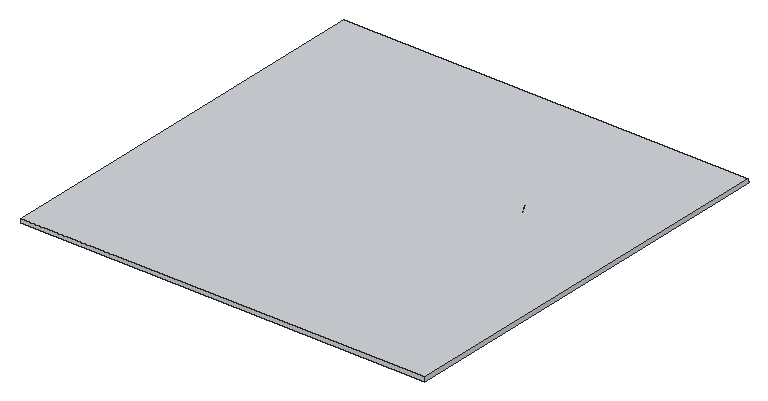
Revit family "Tyco_FireDtctnAlmCtrlIndctEquip_Zettler-AddressableOpticalSmokeAndHeatDetector", category Fire Alarm Devices, host Face, Revit 2013
Parameters (values of type "830PH")
  Weight = "(Excluding Base) 76g"
  WarrantyStartDate [instance] = "1900-12-31T23:59:59"
  WarrantyGuarantorParts = "Contact your supplier. If you don’t have your supplier contact details please contact (tfsuk.service@tycoint.com) or (tfseu.service@tycoint.com)"
  WarrantyGuarantorLabor = "Contact your supplier. If you don’t have your supplier contact details please contact (tfsuk.service@tycoint.com) or (tfseu.service@tycoint.com)"
  WarrantyDurationUnit = "Year"
  WarrantyDurationParts = "1.5 years"
  WarrantyDurationLabor = "1.5 years"
  WarrantyDescription = "n/a"
  Voltage = "20 – 40 VDC"
  Version = "1"
  UsageCurrent = "380μA"
  Uniclass2 = "Ee_40_15_75"
  URL = "http://www.zettlerfire.com/Products/Fire/ZETTLERdetectors/ZETTLERGen6_830PH_850PH.asp"
  Type Comments = "Only 4B_Detector or 4B-I_Isolator Detector Bases can be used with 830PH Detector"
  TimeConstant = "n/a"
  TagNumber [instance] = "n/a"
  SustainabilityPerformance = "n/a"
  StorageTemperature = "-40 °C to +80 °C"
  SmokeSensorRange = "n/a"
  Size = "n/a"
  ShortCircuitIsolators = no
  Shape = "n/a"
  SerialNumber [instance] = "n/a"
  Revision = "n/a"
  ReplacementCost = "n/a"
  RelativeHumidity = "95%(non-condensing)"
  Reference = "n/a"
  QuiescentCurrent = "380μA"
  ProductSpecification = "830PH Addressable Optical Smoke and Heat Detector without built in- line isolator"
  ProductInformation = "http://www.zettlerfire.com/Products/Fire/ZETTLERdetectors/ZETTLERGen6_830PH_850PH.asp"
  ProductCodes = "516.830.051"
  PressureSensorSetPoint = "n/a"
  PhaseReference = "n/a"
  PhaseAngle = 0.00°
  OperationTemperatureRange = "-25 °C to +70 °C"
  NumberOfPoles = 0
  NominalWidth = 108 mm
  NominalVoltage = "40 V DC"
  NominalLength = 108 mm
  NominalHeight = 42 mm
  NominalFrequencyRange = "n/a"
  NominalDiameter = 108 mm
  NominalCurrent = "n/a"
  Name = "830PH-Photo Heat Multi-Sensor Detector"
  NBSReference = "90-75-30/380"
  NBSDescription = "Fire detection and alarm control and indicating equipment (CIE)"
  ModelReference = "n/a"
  ModelNumber = "830PH"
  Model = "830PH"
  Material = "Flame Retardant-FR3010 ‘BAYBLEND'"
  ManufacturerURL = "www.zettlerfire.com"
  ManufacturerName = "Tyco Fire Protection Products"
  Manufacturer = "Tyco Fire Protection Products"  # constant formula
  InsulationStandardClass = "n/a"
  InstallationDate [instance] = "1900-12-31T23:59:59"
  IfcTypeObject = "IfcBuildingElementProxy"
  IfcExportType = "HEATSENSOR"
  IfcExportAs = "IfcSensorType"
  IPCode = "IP44"
  HeatSensorSetPoint = "n/a"
  HeatSensorRange = "n/a"
  HeatSensorAccuracy = "n/a"
  HasProtectiveEarth = no
  HasBuiltInAlarm = no
  Grade = "n/a"
  Finish = "n/a"
  Features = "Photo Heat Multi-Sensor Detector"
  ExpectedLife = "n/a"
  ElectricalDeviceNominalPower = "n/a"
  DurationUnit = "Year"
  DeviceBases = "4B_Detector Base/4B-I_Isolator Detector Base"
  DetectorType = "Photo Heat Multi-Sensor Detector"
  Detector Color = Plastic Material White
  Detector Base [instance] = 4B series Detector Bases : 4B_Detector_Base
  Description = "Zettler-Addressable Optical Smoke and Heat Detector without built in line isolator"
  Default Elevation = 1200 mm
  CoverageArea = "n/a"
  Constituents = "n/a"
  Color = "White"
  CodePerformance = "n/a"
  Category = "Ee_40_15_75"
  Brand = "Zettler"
  BarCode [instance] = "n/a"
  BIMObjectName = "Tyco_FireDtctnAlmCtrlIndctEquip_Zettler-AddressableOpticalSmokeAndHeatDetector-830PH"
  Author = "Tyco Fire Protection Products"
  AssetType = "Moveable"
  AssetIdentifier [instance] = "n/a"
  AlarmCurrent = "3.3mA"
  AccuracyOfSmokeSensor = "n/a"
  AccessibilityPerformance = "n/a"
Types (3, lengths in mm): name | Type Comments | ShortCircuitIsolators | ProductSpecification | ProductCodes | Name | ModelNumber | Model | DeviceBases | Detector Base | Description | BIMObjectName
  (no name) | "Only 4B_Detector or 4B-I_Isolator Detector Bases can be used with 830PH Detector" | no | "830PH Addressable Optical Smoke and Heat Detector without built in- line isolator" | "516.830.051" | "830PH-Photo Heat Multi-Sensor Detector" | "830PH" | "830PH" | "4B_Detector Base/4B-I_Isolator Detector Base" | 4B series Detector Bases : 4B_Detector_Base | "Zettler-Addressable Optical Smoke and Heat Detector without built in line isolator" | "Tyco_FireDtctnAlmCtrlIndctEquip_Zettler-AddressableOpticalSmokeAndHeatDetector-830PH"
  850PH | "Only 4B-C_Continuity Detector Base can be used with 850PH Detector" | yes | "850PH Addressable Optical Smoke and Heat Detector with built in-line isolator" | "516.850.051" | "850PH-Photo Heat Multi-Sensor Detector" | "850PH" | "850PH" | "4B-C_Continuity Detector Base" | 4B series Detector Bases : 4B-C_Continuity_Detector_Base | "Zettler-Addressable Optical Smoke and Heat Detector with built in-line isolator" | "Tyco_FireDtctnAlmCtrlIndctEquip_Zettler-AddressableOpticalSmokeAndHeatDetector-850PH"
  830PH | "Only 4B_Detector or 4B-I_Isolator Detector Bases can be used with 830PH Detector" | no | "830PH Addressable Optical Smoke and Heat Detector without built in- line isolator" | "516.830.051" | "830PH-Photo Heat Multi-Sensor Detector" | "830PH" | "830PH" | "4B_Detector Base/4B-I_Isolator Detector Base" | 4B series Detector Bases : 4B_Detector_Base | "Zettler-Addressable Optical Smoke and Heat Detector without built in line isolator" | "Tyco_FireDtctnAlmCtrlIndctEquip_Zettler-AddressableOpticalSmokeAndHeatDetector-830PH"
Reference planes
  plane 1 "Center (Front/Back)": y = 0
  plane 2: z = 0
  plane 3 "Center (Left/Right)": x = 0
  plane 4 "Base Ref": z = -13
  plane 5: z = -55
Forms (mm)
  Extrusion 1, solid
    sketch origin (0, 0, 0) x (1, 0, 0) y (0, 1, 0)
      loop
        line (-100, 100) -> (-100, -100) -> (100, -100) -> (100, 100) -> (-100, 100)
    from 0 to 2
Lines and regions (mm)
  symbolic lines
    curve 1: circle (0, 0, 0) r 55 normal (0, 0, 1)
    curve 2: circle (0, 0, 0) r 27.844 normal (0, 0, 1)
    curve 3: line (-54.5, 0, 0) -> (54.5, 0, 0)
    curve 63: line (0, 54.516, 0) -> (0, -54.509, 0)
  symbolic lines, detail levels medium+fine
    curve 4: line (54.5, 0, 0) -> (54, 0, -13)
    curve 5: line (54, 0, -13) -> (-54, 0, -13)
    curve 6: line (-54, 0, -13) -> (-54.5, 0, 0)
    curve 7: arc (-37.856, 0, -36.4) -> (-41.005, 0, -33.439) -> (-44.898, 0, -31.56) r 14.24
    curve 8: arc (-53.231, 0, -21.704) -> (-50.512, 0, -27.856) -> (-44.898, 0, -31.56) r 11.931
    curve 9: arc (-37.856, 0, -36.4) -> (-35.038, 0, -40.489) -> (-32.735, 0, -44.888) r 41.028
    curve 10: arc (-32.735, 0, -44.888) -> (-28.969, 0, -50.351) -> (-22.82, 0, -52.844) r 11.564
    curve 11: arc (0, 0, -55) -> (-11.461, 0, -54.465) -> (-22.82, 0, -52.844) r 120.632
    curve 12: line (-53.231, 0, -21.704) -> (-54, 0, -13)
    curve 13: arc (37.856, 0, -36.4) -> (41.005, 0, -33.439) -> (44.898, 0, -31.56) r 14.24
    curve 14: arc (53.231, 0, -21.704) -> (50.512, 0, -27.856) -> (44.898, 0, -31.56) r 11.931
    curve 15: arc (37.856, 0, -36.4) -> (35.038, 0, -40.489) -> (32.735, 0, -44.888) r 41.028
    curve 16: arc (32.735, 0, -44.888) -> (28.969, 0, -50.351) -> (22.82, 0, -52.844) r 11.564
    curve 17: arc (0, 0, -55) -> (11.461, 0, -54.465) -> (22.82, 0, -52.844) r 120.632
    curve 18: line (53.231, 0, -21.704) -> (54, 0, -13)
    curve 19: spline (-22.136, 0, -44.829) -> (-22.285, 0, -44.257) -> (-22.444, 0, -43.692) -> (-22.614, 0, -43.133) -> (-22.795, 0, -42.58) -> (-22.986, 0, -42.035) -> (-23.187, 0, -41.497) -> (-23.398, 0, -40.966) -> (-23.619, 0, -40.444) -> (-23.851, 0, -39.931) -> (-24.091, 0, -39.426) -> (-24.341, 0, -38.931) -> (-24.601, 0, -38.445)
    curve 20: spline (-24.601, 0, -38.445) -> (-24.702, 0, -38.266) -> (-24.8, 0, -38.089) -> (-24.896, 0, -37.913) -> (-24.989, 0, -37.739) -> (-25.079, 0, -37.565) -> (-25.167, 0, -37.393) -> (-25.251, 0, -37.223) -> (-25.333, 0, -37.055) -> (-25.411, 0, -36.888) -> (-25.487, 0, -36.723) -> (-25.559, 0, -36.561) -> (-25.629, 0, -36.4)
    curve 21: spline (-16.99, 0, -52.18) -> (-17.571, 0, -51.85) -> (-18.133, 0, -51.46) -> (-18.674, 0, -51.012) -> (-19.19, 0, -50.509) -> (-19.678, 0, -49.954) -> (-20.135, 0, -49.35) -> (-20.561, 0, -48.7) -> (-20.951, 0, -48.007) -> (-21.304, 0, -47.275) -> (-21.617, 0, -46.509) -> (-21.89, 0, -45.712) -> (-22.121, 0, -44.888)
    curve 22: spline (-15.029, 0, -52.569) -> (-15.179, 0, -52.575) -> (-15.34, 0, -52.573) -> (-15.509, 0, -52.563) -> (-15.684, 0, -52.545) -> (-15.863, 0, -52.52) -> (-16.042, 0, -52.488) -> (-16.219, 0, -52.45) -> (-16.391, 0, -52.405) -> (-16.557, 0, -52.355) -> (-16.713, 0, -52.3) -> (-16.858, 0, -52.241) -> (-16.99, 0, -52.179)
    curve 23: line (-8.615, 0, -52.569) -> (-15.029, 0, -52.569)
    curve 24: spline (-7.74, 0, -52.193) -> (-7.718, 0, -52.242) -> (-7.714, 0, -52.29) -> (-7.729, 0, -52.336) -> (-7.763, 0, -52.379) -> (-7.816, 0, -52.418) -> (-7.886, 0, -52.454) -> (-7.973, 0, -52.486) -> (-8.076, 0, -52.513) -> (-8.193, 0, -52.535) -> (-8.323, 0, -52.552) -> (-8.464, 0, -52.563) -> (-8.615, 0, -52.569)
    curve 25: spline (-9.631, 0, -44.858) -> (-9.546, 0, -45.688) -> (-9.446, 0, -46.491) -> (-9.331, 0, -47.263) -> (-9.201, 0, -48) -> (-9.057, 0, -48.698) -> (-8.9, 0, -49.353) -> (-8.732, 0, -49.961) -> (-8.552, 0, -50.519) -> (-8.361, 0, -51.024) -> (-8.162, 0, -51.472) -> (-7.955, 0, -51.863) -> (-7.74, 0, -52.193)
    curve 26: spline (-10.535, 0, -38.446) -> (-10.44, 0, -38.934) -> (-10.348, 0, -39.431) -> (-10.26, 0, -39.938) -> (-10.175, 0, -40.454) -> (-10.093, 0, -40.978) -> (-10.016, 0, -41.511) -> (-9.942, 0, -42.052) -> (-9.872, 0, -42.6) -> (-9.806, 0, -43.155) -> (-9.743, 0, -43.716) -> (-9.685, 0, -44.285) -> (-9.631, 0, -44.858)
    curve 27: spline (-11.314, 0, -36.4) -> (-11.222, 0, -36.558) -> (-11.135, 0, -36.719) -> (-11.053, 0, -36.883) -> (-10.976, 0, -37.048) -> (-10.903, 0, -37.216) -> (-10.836, 0, -37.386) -> (-10.773, 0, -37.558) -> (-10.715, 0, -37.732) -> (-10.663, 0, -37.908) -> (-10.615, 0, -38.086) -> (-10.573, 0, -38.265) -> (-10.535, 0, -38.446)
    curve 28: line (-11.314, 0, -36.4) -> (-25.629, 0, -36.4)
    curve 29: line (25.629, 0, -36.4) -> (11.314, 0, -36.4)
    curve 30: spline (10.566, 0, -38.296) -> (10.604, 0, -38.131) -> (10.646, 0, -37.967) -> (10.693, 0, -37.804) -> (10.745, 0, -37.642) -> (10.8, 0, -37.482) -> (10.861, 0, -37.322) -> (10.926, 0, -37.165) -> (10.995, 0, -37.008) -> (11.068, 0, -36.854) -> (11.146, 0, -36.701) -> (11.228, 0, -36.549) -> (11.314, 0, -36.4)
    curve 31: spline (9.631, 0, -44.858) -> (9.686, 0, -44.27) -> (9.747, 0, -43.687) -> (9.811, 0, -43.111) -> (9.879, 0, -42.542) -> (9.951, 0, -41.981) -> (10.028, 0, -41.428) -> (10.108, 0, -40.883) -> (10.192, 0, -40.346) -> (10.28, 0, -39.819) -> (10.371, 0, -39.301) -> (10.467, 0, -38.794) -> (10.566, 0, -38.296)
    curve 32: spline (7.762, 0, -52.162) -> (7.974, 0, -51.829) -> (8.179, 0, -51.436) -> (8.376, 0, -50.987) -> (8.564, 0, -50.482) -> (8.742, 0, -49.926) -> (8.909, 0, -49.32) -> (9.063, 0, -48.669) -> (9.205, 0, -47.976) -> (9.334, 0, -47.244) -> (9.448, 0, -46.478) -> (9.547, 0, -45.681) -> (9.631, 0, -44.858)
    curve 33: spline (8.688, 0, -52.569) -> (8.521, 0, -52.575) -> (8.364, 0, -52.572) -> (8.22, 0, -52.562) -> (8.091, 0, -52.543) -> (7.979, 0, -52.517) -> (7.884, 0, -52.483) -> (7.81, 0, -52.443) -> (7.757, 0, -52.396) -> (7.725, 0, -52.344) -> (7.716, 0, -52.288) -> (7.729, 0, -52.227) -> (7.764, 0, -52.163)
    curve 34: line (8.688, 0, -52.569) -> (15.092, 0, -52.569)
    curve 35: spline (17.057, 0, -52.145) -> (16.931, 0, -52.199) -> (16.791, 0, -52.252) -> (16.637, 0, -52.303) -> (16.473, 0, -52.352) -> (16.301, 0, -52.397) -> (16.124, 0, -52.438) -> (15.944, 0, -52.474) -> (15.763, 0, -52.505) -> (15.585, 0, -52.53) -> (15.413, 0, -52.55) -> (15.247, 0, -52.563) -> (15.092, 0, -52.569)
    curve 36: spline (22.121, 0, -44.888) -> (21.893, 0, -45.704) -> (21.623, 0, -46.494) -> (21.313, 0, -47.254) -> (20.965, 0, -47.98) -> (20.58, 0, -48.668) -> (20.161, 0, -49.314) -> (19.709, 0, -49.916) -> (19.228, 0, -50.469) -> (18.719, 0, -50.971) -> (18.186, 0, -51.419) -> (17.631, 0, -51.811) -> (17.057, 0, -52.145)
    curve 37: spline (24.552, 0, -38.534) -> (24.296, 0, -39.018) -> (24.049, 0, -39.512) -> (23.812, 0, -40.015) -> (23.584, 0, -40.526) -> (23.366, 0, -41.046) -> (23.157, 0, -41.574) -> (22.959, 0, -42.109) -> (22.77, 0, -42.652) -> (22.592, 0, -43.202) -> (22.425, 0, -43.758) -> (22.268, 0, -44.32) -> (22.121, 0, -44.888)
    curve 38: spline (25.629, 0, -36.4) -> (25.553, 0, -36.565) -> (25.475, 0, -36.732) -> (25.394, 0, -36.903) -> (25.31, 0, -37.075) -> (25.224, 0, -37.25) -> (25.135, 0, -37.428) -> (25.044, 0, -37.607) -> (24.95, 0, -37.789) -> (24.854, 0, -37.973) -> (24.756, 0, -38.158) -> (24.655, 0, -38.345) -> (24.552, 0, -38.534)
    curve 39: spline (-5.342, 0, -52.17) -> (-5.554, 0, -51.838) -> (-5.76, 0, -51.446) -> (-5.958, 0, -50.996) -> (-6.146, 0, -50.492) -> (-6.324, 0, -49.935) -> (-6.492, 0, -49.329) -> (-6.647, 0, -48.677) -> (-6.789, 0, -47.982) -> (-6.918, 0, -47.249) -> (-7.032, 0, -46.481) -> (-7.132, 0, -45.683) -> (-7.216, 0, -44.858)
    curve 40: spline (-7.216, 0, -44.858) -> (-7.282, 0, -44.168) -> (-7.354, 0, -43.485) -> (-7.431, 0, -42.812) -> (-7.514, 0, -42.149) -> (-7.603, 0, -41.497) -> (-7.697, 0, -40.857) -> (-7.796, 0, -40.228) -> (-7.901, 0, -39.612) -> (-8.011, 0, -39.01) -> (-8.125, 0, -38.421) -> (-8.245, 0, -37.848) -> (-8.369, 0, -37.289)
    curve 41: spline (-8.369, 0, -37.289) -> (-8.387, 0, -37.213) -> (-8.403, 0, -37.138) -> (-8.418, 0, -37.063) -> (-8.433, 0, -36.988) -> (-8.447, 0, -36.913) -> (-8.46, 0, -36.839) -> (-8.471, 0, -36.765) -> (-8.482, 0, -36.691) -> (-8.492, 0, -36.618) -> (-8.502, 0, -36.545) -> (-8.51, 0, -36.472) -> (-8.517, 0, -36.4)
    curve 42: line (8.517, 0, -36.4) -> (-8.517, 0, -36.4)
    curve 43: spline (8.517, 0, -36.4) -> (8.51, 0, -36.474) -> (8.501, 0, -36.548) -> (8.491, 0, -36.622) -> (8.481, 0, -36.697) -> (8.47, 0, -36.772) -> (8.457, 0, -36.847) -> (8.444, 0, -36.923) -> (8.43, 0, -37) -> (8.415, 0, -37.076) -> (8.399, 0, -37.153) -> (8.383, 0, -37.231) -> (8.365, 0, -37.308)
    curve 44: spline (8.365, 0, -37.308) -> (8.241, 0, -37.866) -> (8.122, 0, -38.438) -> (8.008, 0, -39.025) -> (7.899, 0, -39.626) -> (7.794, 0, -40.241) -> (7.695, 0, -40.868) -> (7.602, 0, -41.507) -> (7.513, 0, -42.157) -> (7.43, 0, -42.818) -> (7.353, 0, -43.489) -> (7.282, 0, -44.17) -> (7.216, 0, -44.858)
    curve 45: spline (7.216, 0, -44.858) -> (7.132, 0, -45.678) -> (7.034, 0, -46.472) -> (6.92, 0, -47.236) -> (6.792, 0, -47.966) -> (6.651, 0, -48.657) -> (6.497, 0, -49.307) -> (6.331, 0, -49.911) -> (6.155, 0, -50.467) -> (5.968, 0, -50.971) -> (5.772, 0, -51.421) -> (5.568, 0, -51.815) -> (5.357, 0, -52.149)
    curve 46: spline (5.355, 0, -52.148) -> (5.306, 0, -52.202) -> (5.236, 0, -52.255) -> (5.147, 0, -52.305) -> (5.039, 0, -52.353) -> (4.913, 0, -52.398) -> (4.773, 0, -52.439) -> (4.62, 0, -52.475) -> (4.456, 0, -52.505) -> (4.283, 0, -52.531) -> (4.104, 0, -52.55) -> (3.922, 0, -52.563) -> (3.739, 0, -52.569)
    curve 47: line (-3.661, 0, -52.569) -> (3.739, 0, -52.569)
    curve 48: spline (-3.661, 0, -52.569) -> (-3.845, 0, -52.575) -> (-4.029, 0, -52.573) -> (-4.211, 0, -52.562) -> (-4.387, 0, -52.544) -> (-4.556, 0, -52.519) -> (-4.715, 0, -52.486) -> (-4.862, 0, -52.446) -> (-4.994, 0, -52.4) -> (-5.109, 0, -52.348) -> (-5.207, 0, -52.292) -> (-5.284, 0, -52.232) -> (-5.341, 0, -52.169)
    curve 49: line (44.898, 0, -31.56) -> (-44.898, 0, -31.56)
    curve 50: spline (0, 37.856, -36.4) -> (0, 37.299, -37.005) -> (0, 36.763, -37.63) -> (0, 36.251, -38.275) -> (0, 35.762, -38.94) -> (0, 35.296, -39.622) -> (0, 34.855, -40.322) -> (0, 34.439, -41.038) -> (0, 34.049, -41.77) -> (0, 33.685, -42.516) -> (0, 33.348, -43.275) -> (0, 33.038, -44.046) -> (0, 32.755, -44.829)
    curve 51: spline (0, 32.755, -44.829) -> (0, 32.382, -45.801) -> (0, 31.928, -46.735) -> (0, 31.397, -47.625) -> (0, 30.793, -48.464) -> (0, 30.122, -49.246) -> (0, 29.387, -49.964) -> (0, 28.594, -50.613) -> (0, 27.75, -51.188) -> (0, 26.861, -51.685) -> (0, 25.934, -52.1) -> (0, 24.975, -52.43) -> (0, 23.992, -52.672)
    curve 52: arc (0, 53.231, -21.704) -> (0, 50.509, -27.854) -> (0, 44.898, -31.56) r 11.949
    curve 53: arc (0, 44.898, -31.56) -> (0, 41.006, -33.441) -> (0, 37.856, -36.4) r 14.284
    curve 54: arc (0, 23.992, -52.672) -> (0, 12.052, -54.412) -> (0, 0, -55) r 125.727
    curve 55: line (0, 53.231, -21.704) -> (0, 53.992, -13)
    curve 56: spline (0, -37.856, -36.4) -> (0, -37.299, -37.005) -> (0, -36.763, -37.63) -> (0, -36.251, -38.275) -> (0, -35.762, -38.94) -> (0, -35.296, -39.622) -> (0, -34.855, -40.322) -> (0, -34.439, -41.038) -> (0, -34.049, -41.77) -> (0, -33.685, -42.516) -> (0, -33.348, -43.275) -> (0, -33.038, -44.046) -> (0, -32.755, -44.829)
    curve 57: spline (0, -32.755, -44.829) -> (0, -32.382, -45.801) -> (0, -31.928, -46.735) -> (0, -31.397, -47.625) -> (0, -30.793, -48.464) -> (0, -30.122, -49.246) -> (0, -29.387, -49.964) -> (0, -28.594, -50.613) -> (0, -27.75, -51.188) -> (0, -26.861, -51.685) -> (0, -25.934, -52.1) -> (0, -24.975, -52.43) -> (0, -23.992, -52.672)
    curve 58: arc (0, -53.231, -21.704) -> (0, -50.509, -27.854) -> (0, -44.898, -31.56) r 11.949
    curve 59: arc (0, -44.898, -31.56) -> (0, -41.006, -33.441) -> (0, -37.856, -36.4) r 14.284
    curve 60: arc (0, -23.992, -52.672) -> (0, -12.052, -54.412) -> (0, 0, -55) r 125.727
    curve 61: line (0, -53.231, -21.704) -> (0, -53.992, -13)
    curve 62: line (0, 53.992, -13) -> (0, -53.992, -13)
    curve 64: line (0, -54.509, 0) -> (0, -53.992, -13)
    curve 65: line (0, 53.992, -13) -> (0, 54.516, 0)
    curve 66: line (0, 53.231, -21.704) -> (0, -53.231, -21.704)
    curve 67: spline (0, 5.342, -52.17) -> (0, 5.554, -51.838) -> (0, 5.76, -51.446) -> (0, 5.958, -50.996) -> (0, 6.146, -50.492) -> (0, 6.324, -49.935) -> (0, 6.492, -49.329) -> (0, 6.647, -48.677) -> (0, 6.789, -47.982) -> (0, 6.918, -47.249) -> (0, 7.032, -46.481) -> (0, 7.132, -45.683) -> (0, 7.216, -44.858)
    curve 68: spline (0, 3.661, -52.569) -> (0, 3.845, -52.575) -> (0, 4.029, -52.573) -> (0, 4.21, -52.562) -> (0, 4.387, -52.544) -> (0, 4.556, -52.519) -> (0, 4.715, -52.486) -> (0, 4.862, -52.446) -> (0, 4.994, -52.4) -> (0, 5.109, -52.348) -> (0, 5.207, -52.292) -> (0, 5.284, -52.232) -> (0, 5.341, -52.169)
    curve 69: line (0, 0, -52.569) -> (0, 3.661, -52.569)
    curve 70: line (0, -3.739, -52.569) -> (0, 0, -52.569)
    curve 71: spline (0, -5.355, -52.148) -> (0, -5.306, -52.202) -> (0, -5.236, -52.255) -> (0, -5.147, -52.305) -> (0, -5.039, -52.353) -> (0, -4.913, -52.398) -> (0, -4.773, -52.439) -> (0, -4.62, -52.475) -> (0, -4.456, -52.505) -> (0, -4.283, -52.531) -> (0, -4.104, -52.55) -> (0, -3.922, -52.563) -> (0, -3.739, -52.569)
    curve 72: spline (0, -7.216, -44.858) -> (0, -7.132, -45.678) -> (0, -7.034, -46.472) -> (0, -6.92, -47.236) -> (0, -6.792, -47.966) -> (0, -6.651, -48.657) -> (0, -6.497, -49.307) -> (0, -6.331, -49.911) -> (0, -6.155, -50.467) -> (0, -5.968, -50.971) -> (0, -5.772, -51.421) -> (0, -5.568, -51.815) -> (0, -5.357, -52.149)
    curve 73: spline (0, -8.365, -37.308) -> (0, -8.241, -37.866) -> (0, -8.122, -38.438) -> (0, -8.008, -39.025) -> (0, -7.899, -39.626) -> (0, -7.794, -40.241) -> (0, -7.695, -40.868) -> (0, -7.602, -41.507) -> (0, -7.513, -42.157) -> (0, -7.43, -42.818) -> (0, -7.353, -43.489) -> (0, -7.282, -44.17) -> (0, -7.216, -44.858)
    curve 74: spline (0, 7.216, -44.858) -> (0, 7.282, -44.165) -> (0, 7.354, -43.48) -> (0, 7.432, -42.805) -> (0, 7.516, -42.14) -> (0, 7.605, -41.486) -> (0, 7.699, -40.843) -> (0, 7.799, -40.212) -> (0, 7.904, -39.594) -> (0, 8.014, -38.99) -> (0, 8.13, -38.4) -> (0, 8.25, -37.825) -> (0, 8.375, -37.265)
    curve 75: spline (0, 8.375, -37.265) -> (0, 8.391, -37.191) -> (0, 8.407, -37.118) -> (0, 8.422, -37.045) -> (0, 8.436, -36.972) -> (0, 8.449, -36.899) -> (0, 8.462, -36.827) -> (0, 8.473, -36.755) -> (0, 8.484, -36.683) -> (0, 8.493, -36.612) -> (0, 8.502, -36.541) -> (0, 8.51, -36.47) -> (0, 8.517, -36.4)
    curve 76: line (0, 8.517, -36.4) -> (0, 0, -36.4)
    curve 77: line (0, 0, -36.4) -> (0, -8.517, -36.4)
    curve 78: spline (0, -8.517, -36.4) -> (0, -8.51, -36.474) -> (0, -8.501, -36.548) -> (0, -8.491, -36.622) -> (0, -8.481, -36.697) -> (0, -8.47, -36.772) -> (0, -8.457, -36.848) -> (0, -8.444, -36.923) -> (0, -8.43, -37) -> (0, -8.415, -37.076) -> (0, -8.399, -37.153) -> (0, -8.383, -37.231) -> (0, -8.365, -37.308)
    curve 79: spline (0, 11.314, -36.4) -> (0, 11.222, -36.558) -> (0, 11.135, -36.719) -> (0, 11.053, -36.882) -> (0, 10.976, -37.048) -> (0, 10.903, -37.216) -> (0, 10.836, -37.386) -> (0, 10.773, -37.558) -> (0, 10.715, -37.732) -> (0, 10.663, -37.907) -> (0, 10.615, -38.085) -> (0, 10.573, -38.264) -> (0, 10.535, -38.445)
    curve 80: spline (0, 10.535, -38.445) -> (0, 10.44, -38.933) -> (0, 10.348, -39.43) -> (0, 10.26, -39.937) -> (0, 10.175, -40.453) -> (0, 10.094, -40.978) -> (0, 10.016, -41.51) -> (0, 9.942, -42.051) -> (0, 9.872, -42.599) -> (0, 9.806, -43.154) -> (0, 9.743, -43.716) -> (0, 9.685, -44.284) -> (0, 9.631, -44.858)
    curve 81: spline (0, 9.631, -44.858) -> (0, 9.546, -45.688) -> (0, 9.446, -46.491) -> (0, 9.33, -47.263) -> (0, 9.201, -48) -> (0, 9.057, -48.698) -> (0, 8.9, -49.353) -> (0, 8.732, -49.961) -> (0, 8.552, -50.519) -> (0, 8.361, -51.024) -> (0, 8.162, -51.472) -> (0, 7.955, -51.863) -> (0, 7.74, -52.193)
    curve 82: spline (0, 7.74, -52.193) -> (0, 7.718, -52.242) -> (0, 7.714, -52.29) -> (0, 7.729, -52.336) -> (0, 7.763, -52.379) -> (0, 7.816, -52.418) -> (0, 7.886, -52.454) -> (0, 7.973, -52.486) -> (0, 8.076, -52.513) -> (0, 8.193, -52.535) -> (0, 8.323, -52.552) -> (0, 8.464, -52.563) -> (0, 8.616, -52.569)
    curve 83: line (0, 8.616, -52.569) -> (0, 15.029, -52.569)
    curve 84: spline (0, 15.029, -52.569) -> (0, 15.179, -52.575) -> (0, 15.34, -52.573) -> (0, 15.509, -52.563) -> (0, 15.684, -52.545) -> (0, 15.863, -52.52) -> (0, 16.041, -52.488) -> (0, 16.219, -52.45) -> (0, 16.391, -52.405) -> (0, 16.557, -52.355) -> (0, 16.713, -52.3) -> (0, 16.858, -52.241) -> (0, 16.99, -52.179)
    curve 85: spline (0, 16.99, -52.18) -> (0, 17.571, -51.85) -> (0, 18.133, -51.46) -> (0, 18.674, -51.012) -> (0, 19.19, -50.509) -> (0, 19.678, -49.954) -> (0, 20.135, -49.35) -> (0, 20.561, -48.7) -> (0, 20.951, -48.007) -> (0, 21.304, -47.275) -> (0, 21.617, -46.509) -> (0, 21.89, -45.712) -> (0, 22.121, -44.888)
    curve 86: spline (0, 22.136, -44.829) -> (0, 22.285, -44.257) -> (0, 22.444, -43.692) -> (0, 22.614, -43.133) -> (0, 22.795, -42.58) -> (0, 22.985, -42.035) -> (0, 23.187, -41.497) -> (0, 23.398, -40.967) -> (0, 23.619, -40.445) -> (0, 23.85, -39.931) -> (0, 24.091, -39.426) -> (0, 24.341, -38.931) -> (0, 24.601, -38.445)
    curve 87: spline (0, 24.601, -38.445) -> (0, 24.702, -38.267) -> (0, 24.8, -38.09) -> (0, 24.896, -37.914) -> (0, 24.989, -37.739) -> (0, 25.079, -37.566) -> (0, 25.167, -37.394) -> (0, 25.251, -37.224) -> (0, 25.333, -37.055) -> (0, 25.411, -36.888) -> (0, 25.487, -36.724) -> (0, 25.559, -36.561) -> (0, 25.629, -36.4)
    curve 88: line (0, 25.629, -36.4) -> (0, 11.314, -36.4)
    curve 89: line (0, -11.314, -36.4) -> (0, -25.629, -36.4)
    curve 90: spline (0, -25.629, -36.4) -> (0, -25.553, -36.565) -> (0, -25.475, -36.733) -> (0, -25.394, -36.903) -> (0, -25.31, -37.076) -> (0, -25.224, -37.251) -> (0, -25.135, -37.428) -> (0, -25.044, -37.608) -> (0, -24.95, -37.789) -> (0, -24.854, -37.973) -> (0, -24.755, -38.159) -> (0, -24.655, -38.346) -> (0, -24.552, -38.535)
    curve 91: spline (0, -24.552, -38.535) -> (0, -24.298, -39.015) -> (0, -24.053, -39.504) -> (0, -23.818, -40.002) -> (0, -23.591, -40.509) -> (0, -23.375, -41.024) -> (0, -23.168, -41.546) -> (0, -22.97, -42.077) -> (0, -22.783, -42.614) -> (0, -22.606, -43.159) -> (0, -22.439, -43.709) -> (0, -22.282, -44.266) -> (0, -22.136, -44.829)
    curve 92: spline (0, -22.121, -44.888) -> (0, -21.893, -45.704) -> (0, -21.623, -46.494) -> (0, -21.313, -47.254) -> (0, -20.965, -47.98) -> (0, -20.58, -48.668) -> (0, -20.161, -49.314) -> (0, -19.709, -49.916) -> (0, -19.228, -50.469) -> (0, -18.719, -50.971) -> (0, -18.186, -51.419) -> (0, -17.631, -51.811) -> (0, -17.057, -52.145)
    curve 93: spline (0, -17.057, -52.145) -> (0, -16.931, -52.199) -> (0, -16.79, -52.252) -> (0, -16.637, -52.304) -> (0, -16.473, -52.352) -> (0, -16.301, -52.397) -> (0, -16.124, -52.438) -> (0, -15.944, -52.474) -> (0, -15.763, -52.505) -> (0, -15.585, -52.53) -> (0, -15.413, -52.55) -> (0, -15.247, -52.563) -> (0, -15.092, -52.569)
    curve 94: line (0, -8.688, -52.569) -> (0, -15.092, -52.569)
    curve 95: spline (0, -8.688, -52.569) -> (0, -8.521, -52.575) -> (0, -8.364, -52.573) -> (0, -8.22, -52.562) -> (0, -8.091, -52.544) -> (0, -7.978, -52.517) -> (0, -7.884, -52.484) -> (0, -7.81, -52.443) -> (0, -7.757, -52.397) -> (0, -7.725, -52.344) -> (0, -7.716, -52.287) -> (0, -7.729, -52.226) -> (0, -7.764, -52.163)
    curve 96: spline (0, -7.763, -52.162) -> (0, -7.975, -51.828) -> (0, -8.18, -51.436) -> (0, -8.376, -50.986) -> (0, -8.564, -50.482) -> (0, -8.742, -49.925) -> (0, -8.909, -49.32) -> (0, -9.063, -48.669) -> (0, -9.205, -47.976) -> (0, -9.334, -47.244) -> (0, -9.448, -46.478) -> (0, -9.547, -45.681) -> (0, -9.631, -44.858)
    curve 97: spline (0, -9.631, -44.858) -> (0, -9.686, -44.27) -> (0, -9.747, -43.687) -> (0, -9.811, -43.111) -> (0, -9.879, -42.542) -> (0, -9.951, -41.981) -> (0, -10.028, -41.427) -> (0, -10.108, -40.882) -> (0, -10.192, -40.346) -> (0, -10.28, -39.818) -> (0, -10.372, -39.301) -> (0, -10.467, -38.793) -> (0, -10.566, -38.295)
    curve 98: spline (0, -10.566, -38.295) -> (0, -10.604, -38.13) -> (0, -10.646, -37.966) -> (0, -10.693, -37.803) -> (0, -10.745, -37.642) -> (0, -10.8, -37.481) -> (0, -10.861, -37.322) -> (0, -10.926, -37.164) -> (0, -10.995, -37.008) -> (0, -11.068, -36.854) -> (0, -11.146, -36.701) -> (0, -11.228, -36.549) -> (0, -11.314, -36.4)
  symbolic lines, detail levels coarse
    curve 99: line (-54.5, 0, -55) -> (-54.5, 0, 0)
    curve 100: line (54.559, 0, -55) -> (-54.5, 0, -55)
    curve 101: line (54.559, 0, 0) -> (54.559, 0, -55)
    curve 102: line (0, 54.516, 0) -> (0, 54.516, -55)
    curve 103: line (0, -54.509, 0) -> (0, -54.509, -55)
    curve 104: line (0, -54.509, -55) -> (0, 54.516, -55)
Dimensions and locks
  locked: plane 4 "Base Ref" to plane 5 at 42
  locked: Extrusion 1 sketch curve to Extrusion 1 sketch curve at 200  (x2)
  locked: plane 3 "Center (Left/Right)" to Extrusion 1 sketch curve at 100
  locked: plane 1 "Center (Front/Back)" to Extrusion 1 sketch curve at 100
  locked: level to plane 4 "Base Ref" at 13
  aligned and locked: plane 2 to Extrusion 1
  aligned and locked: level to Extrusion 1
  aligned and locked: plane 3 "Center (Left/Right)" to nested 1
  aligned and locked: plane 1 "Center (Front/Back)" to nested 1
  aligned and locked: plane 1 "Center (Front/Back)" to nested 2
  aligned and locked: plane 3 "Center (Left/Right)" to nested 2
  aligned and locked: plane 1 "Center (Front/Back)" to curve 1
  aligned and locked: plane 3 "Center (Left/Right)" to curve 1
  aligned and locked: plane 1 "Center (Front/Back)" to curve 2
  aligned and locked: plane 3 "Center (Left/Right)" to curve 2
  aligned and locked: plane 4 "Base Ref" to nested 1
  aligned and locked: nested 1 to Extrusion 1
  aligned and locked: curve 12 to nested 2
  aligned and locked: curve 28 to nested 2
  aligned and locked: nested 1 to curve 62
  aligned and locked: nested 2 to curve 88
  aligned and locked: curve 99 to nested 1
  aligned and locked: plane 5 to curve 100
  aligned and locked: curve 101 to nested 1
  aligned and locked: nested 1 to curve 99
  aligned and locked: plane 5 to curve 104
Nested families
  nested 1: "4B series Detector Bases" at (0, 0, 0), type <- "Detector Base", type "4B_Detector_Base"
  nested 2: "Detector Model" at (0, 0, -13), type "Detector Model"
Connectors
  electrical at (0, 0, 0)
    settings: on plane 2, index 1, voltage 0 V, apparent load 0 VA, apparent load phase1 0 VA, apparent load phase2 0 VA, apparent load phase3 0 VA, power factor 1, load classification "Other", number of poles 1, system type 11, power factor state 1, is connector primary yes, connector utility no, sub classification motor no, connector description "Loop Powered"
Definition of nested family "4B series Detector Bases"
  Parameters (values of type "4B-I_Isolator_Detector_Base")
    Material = Plastic Material White
    Manufacturer = "Tyco"
    Default Elevation = 0 mm
  Types (3): name
    4B_Detector_Base
    4B-C_Continuity_Detector_Base
    4B-I_Isolator_Detector_Base
  Reference planes
    plane 1 "Center (Front/Back)": y = 0
    plane 2: z = 0
    plane 3 "Center (Left/Right)": x = 0
    plane 4 "Base Ref": z = -13
  Forms (mm)
    Revolve 1, solid, material "Plastic Material White" <- "Material"
      sketch origin (0, 0, 0) x (1, 0, 0) y (0, 0, 1)
        loop
          line (0, 0) -> (-54.5, 0) -> (-54.023, -13) -> (0, -13) -> (0, 0)
        axis (0, 0) -> (0, -13)
      angle from 0 to 360
  Dimensions and locks
    locked: plane 3 "Center (Left/Right)" to Revolve 1 sketch curve at 54.5
    plane 3 "Center (Left/Right)" to Revolve 1 sketch curve = 54.023 mm
    locked: level to plane 4 "Base Ref" at 13
    locked: Revolve 1 sketch curve to Revolve 1 sketch curve (angle 87.90°)
    aligned and locked: level to plane 2
    aligned and locked: plane 3 "Center (Left/Right)" to Revolve 1 sketch curve
    aligned and locked: level to Revolve 1 sketch curve
    aligned and locked: Revolve 1 sketch curve to plane 3 "Center (Left/Right)"
    aligned and locked: plane 4 "Base Ref" to Revolve 1 sketch curve
Definition of nested family "Detector Model"
  Parameters (values of type "Detector Model")
    Model = "Detector Model"
    Material = Plastic Material White
    Manufacturer = "Tyco"
  Reference planes
    plane 1 "Center (Front/Back)": y = 0
    plane 2: z = 0
    plane 3 "Center (Left/Right)": x = 0
    plane 4: z = -42
    plane 5 "Ref": z = -23.4
  Forms (mm)
    Revolve 1, solid, material "Plastic Material White" <- "Material"
      sketch origin (0, 0, 0) x (1, 0, 0) y (0, 0, 1)
        loop
          arc (-53.231, -8.704) -> (-50.502, -14.848) -> (-44.898, -18.56) r 12
          arc (-44.898, -18.56) -> (-37.35, -23.928) -> (-32.568, -31.859) r 22.749
          arc (-32.568, -31.859) -> (-29.115, -36.946) -> (-23.598, -39.657) r 12.009
          arc (-23.598, -39.657) -> (-11.857, -41.413) -> (0, -42) r 120
          line (0, -42) -> (0, -39.5)
          arc (0, -39.5) -> (-11.964, -38.889) -> (-23.804, -37.064) r 117.5
          line (-23.804, -37.064) -> (-27.901, -23.206) -> (-38.112, -19.797)
          arc (-38.112, -19.797) -> (-40.949, -17.799) -> (-44.033, -16.209) r 25.249
          arc (-44.033, -16.209) -> (-48.534, -13.303) -> (-50.746, -8.424) r 9.5
          line (-50.746, -8.424) -> (-51.49, 0) -> (-54, 0) -> (-53.231, -8.704)
        axis (0, 0) -> (0, -42)
      angle from 0 to 360
    Extrusion 2, void
      sketch origin (0, 0, 0) x (1, 0, 0) y (0, 1, 0)
        loop
          arc (3.675, 23.717) -> (4.724, 23.943) -> (5.354, 24.811) r 1.5
          line (5.354, 24.811) -> (8.376, 36.088)
          arc (8.376, 36.088) -> (8.535, 37.153) -> (8.464, 38.226) r 5
          line (8.464, 38.226) -> (7.11, 45.906)
          arc (7.11, 45.906) -> (0, 46.454) -> (-7.11, 45.906) r 46.454
          line (-7.11, 45.906) -> (-8.464, 38.226)
          arc (-8.464, 38.226) -> (-8.535, 37.14) -> (-8.369, 36.064) r 5
          line (-8.369, 36.064) -> (-5.354, 24.811)
          arc (-5.354, 24.811) -> (-4.724, 23.943) -> (-3.675, 23.717) r 1.5
          arc (-3.675, 23.717) -> (0, 24) -> (3.675, 23.717) r 24
        loop
          line (-34.489, 10.535) -> (-24.164, 7.769)
          arc (-24.164, 7.769) -> (-23.097, 7.88) -> (-22.377, 8.675) r 1.5
          arc (-22.377, 8.675) -> (-20.785, 12) -> (-18.702, 15.041) r 24
          arc (-18.702, 15.041) -> (-18.373, 16.063) -> (-18.81, 17.042) r 1.5
          line (-18.81, 17.042) -> (-26.368, 24.601)
          arc (-26.368, 24.601) -> (-27.121, 25.219) -> (-27.978, 25.679) r 5
          line (-27.978, 25.679) -> (-36.201, 29.11)
          arc (-36.201, 29.11) -> (-40.23, 23.227) -> (-43.311, 16.796) r 46.454
          line (-43.311, 16.796) -> (-36.229, 11.391)
          arc (-36.229, 11.391) -> (-35.401, 10.878) -> (-34.489, 10.535) r 5
        loop
          line (-24.811, 5.354) -> (-36.089, 8.376)
          arc (-36.089, 8.376) -> (-37.153, 8.535) -> (-38.226, 8.464) r 5
          line (-38.226, 8.464) -> (-45.906, 7.11)
          arc (-45.906, 7.11) -> (-46.454, 0) -> (-45.906, -7.11) r 46.454
          line (-45.906, -7.11) -> (-38.226, -8.464)
          arc (-38.226, -8.464) -> (-37.153, -8.535) -> (-36.088, -8.376) r 5
          line (-36.088, -8.376) -> (-24.811, -5.354)
          arc (-24.811, -5.354) -> (-23.943, -4.724) -> (-23.717, -3.675) r 1.5
          arc (-23.717, -3.675) -> (-24, 0) -> (-23.717, 3.675) r 24
          arc (-23.717, 3.675) -> (-23.943, 4.724) -> (-24.811, 5.354) r 1.5
        loop
          line (-24.601, 26.369) -> (-17.042, 18.81)
          arc (-17.042, 18.81) -> (-16.063, 18.373) -> (-15.041, 18.702) r 1.5
          arc (-15.041, 18.702) -> (-12, 20.785) -> (-8.676, 22.377) r 24
          arc (-8.676, 22.377) -> (-7.88, 23.097) -> (-7.769, 24.164) r 1.5
          line (-7.769, 24.164) -> (-10.535, 34.489)
          arc (-10.535, 34.489) -> (-10.878, 35.4) -> (-11.39, 36.228) r 5
          line (-11.39, 36.228) -> (-16.796, 43.311)
          arc (-16.796, 43.311) -> (-23.227, 40.23) -> (-29.11, 36.201) r 46.454
          line (-29.11, 36.201) -> (-25.68, 27.979)
          arc (-25.68, 27.979) -> (-25.219, 27.121) -> (-24.601, 26.369) r 5
        loop
          arc (7.772, 24.177) -> (7.877, 23.103) -> (8.675, 22.377) r 1.5
          arc (8.675, 22.377) -> (12, 20.785) -> (15.041, 18.702) r 24
          arc (15.041, 18.702) -> (16.062, 18.373) -> (17.042, 18.81) r 1.5
          line (17.042, 18.81) -> (24.601, 26.369)
          arc (24.601, 26.369) -> (25.219, 27.121) -> (25.68, 27.979) r 5
          line (25.68, 27.979) -> (29.11, 36.201)
          arc (29.11, 36.201) -> (23.227, 40.23) -> (16.796, 43.311) r 46.454
          line (16.796, 43.311) -> (11.39, 36.228)
          arc (11.39, 36.228) -> (10.878, 35.4) -> (10.535, 34.489) r 5
          line (10.535, 34.489) -> (7.772, 24.177)
        loop
          arc (18.818, 17.05) -> (18.373, 16.068) -> (18.702, 15.041) r 1.5
          arc (18.702, 15.041) -> (20.785, 12) -> (22.377, 8.675) r 24
          arc (22.377, 8.675) -> (23.097, 7.88) -> (24.164, 7.769) r 1.5
          line (24.164, 7.769) -> (34.489, 10.535)
          arc (34.489, 10.535) -> (35.401, 10.878) -> (36.229, 11.391) r 5
          line (36.229, 11.391) -> (43.311, 16.796)
          arc (43.311, 16.796) -> (40.23, 23.227) -> (36.201, 29.11) r 46.454
          line (36.201, 29.11) -> (27.978, 25.679)
          arc (27.978, 25.679) -> (27.121, 25.219) -> (26.368, 24.601) r 5
          line (26.368, 24.601) -> (18.818, 17.05)
        loop
          arc (23.717, -3.675) -> (23.943, -4.724) -> (24.811, -5.354) r 1.5
          line (24.811, -5.354) -> (36.085, -8.375)
          arc (36.085, -8.375) -> (37.151, -8.535) -> (38.226, -8.464) r 5
          line (38.226, -8.464) -> (45.906, -7.11)
          arc (45.906, -7.11) -> (46.454, 0) -> (45.906, 7.11) r 46.454
          line (45.906, 7.11) -> (38.226, 8.464)
          arc (38.226, 8.464) -> (37.151, 8.535) -> (36.085, 8.375) r 5
          line (36.085, 8.375) -> (24.811, 5.354)
          arc (24.811, 5.354) -> (23.943, 4.724) -> (23.717, 3.675) r 1.5
          arc (23.717, 3.675) -> (24, 0) -> (23.717, -3.675) r 24
        loop
          arc (18.702, -15.041) -> (18.372, -16.057) -> (18.802, -17.034) r 1.5
          line (18.802, -17.034) -> (26.368, -24.601)
          arc (26.368, -24.601) -> (27.121, -25.219) -> (27.978, -25.679) r 5
          line (27.978, -25.679) -> (36.201, -29.11)
          arc (36.201, -29.11) -> (40.23, -23.227) -> (43.311, -16.796) r 46.454
          line (43.311, -16.796) -> (36.229, -11.391)
          arc (36.229, -11.391) -> (35.401, -10.878) -> (34.489, -10.535) r 5
          line (34.489, -10.535) -> (24.164, -7.769)
          arc (24.164, -7.769) -> (23.097, -7.88) -> (22.377, -8.675) r 1.5
          arc (22.377, -8.675) -> (20.785, -12) -> (18.702, -15.041) r 24
        loop
          arc (8.675, -22.377) -> (7.883, -23.091) -> (7.765, -24.151) r 1.5
          line (7.765, -24.151) -> (10.535, -34.489)
          arc (10.535, -34.489) -> (10.878, -35.4) -> (11.39, -36.228) r 5
          line (11.39, -36.228) -> (16.796, -43.311)
          arc (16.796, -43.311) -> (23.227, -40.23) -> (29.11, -36.201) r 46.454
          line (29.11, -36.201) -> (25.68, -27.979)
          arc (25.68, -27.979) -> (25.219, -27.121) -> (24.601, -26.369) r 5
          line (24.601, -26.369) -> (17.042, -18.81)
          arc (17.042, -18.81) -> (16.062, -18.373) -> (15.041, -18.702) r 1.5
          arc (15.041, -18.702) -> (12, -20.785) -> (8.675, -22.377) r 24
        loop
          line (8.376, -36.088) -> (5.354, -24.811)
          arc (5.354, -24.811) -> (4.724, -23.943) -> (3.675, -23.717) r 1.5
          arc (3.675, -23.717) -> (0, -24) -> (-3.675, -23.717) r 24
          arc (-3.675, -23.717) -> (-4.724, -23.943) -> (-5.354, -24.811) r 1.5
          line (-5.354, -24.811) -> (-8.369, -36.064)
          arc (-8.369, -36.064) -> (-8.535, -37.14) -> (-8.464, -38.226) r 5
          line (-8.464, -38.226) -> (-7.11, -45.906)
          arc (-7.11, -45.906) -> (0, -46.454) -> (7.11, -45.906) r 46.454
          line (7.11, -45.906) -> (8.464, -38.226)
          arc (8.464, -38.226) -> (8.535, -37.153) -> (8.376, -36.088) r 5
        loop
          line (-10.535, -34.489) -> (-7.769, -24.164)
          arc (-7.769, -24.164) -> (-7.88, -23.097) -> (-8.676, -22.377) r 1.5
          arc (-8.676, -22.377) -> (-12, -20.785) -> (-15.041, -18.702) r 24
          arc (-15.041, -18.702) -> (-16.063, -18.373) -> (-17.042, -18.81) r 1.5
          line (-17.042, -18.81) -> (-24.601, -26.369)
          arc (-24.601, -26.369) -> (-25.219, -27.121) -> (-25.68, -27.979) r 5
          line (-25.68, -27.979) -> (-29.11, -36.201)
          arc (-29.11, -36.201) -> (-23.227, -40.23) -> (-16.796, -43.311) r 46.454
          line (-16.796, -43.311) -> (-11.39, -36.228)
          arc (-11.39, -36.228) -> (-10.878, -35.4) -> (-10.535, -34.489) r 5
        loop
          line (-26.368, -24.601) -> (-18.81, -17.042)
          arc (-18.81, -17.042) -> (-18.373, -16.063) -> (-18.702, -15.041) r 1.5
          arc (-18.702, -15.041) -> (-20.785, -12) -> (-22.377, -8.675) r 24
          arc (-22.377, -8.675) -> (-23.097, -7.88) -> (-24.164, -7.769) r 1.5
          line (-24.164, -7.769) -> (-34.489, -10.535)
          arc (-34.489, -10.535) -> (-35.401, -10.878) -> (-36.229, -11.391) r 5
          line (-36.229, -11.391) -> (-43.311, -16.796)
          arc (-43.311, -16.796) -> (-40.23, -23.227) -> (-36.201, -29.11) r 46.454
          line (-36.201, -29.11) -> (-27.978, -25.679)
          arc (-27.978, -25.679) -> (-27.121, -25.219) -> (-26.368, -24.601) r 5
      from -42 to -23.4
    Revolve 3, solid, material "Material Black", detail levels fine
      sketch origin (0, 0, 0) x (1, 0, 0) y (0, 0, 1)
        loop
          line (0, -39.569) -> (0, 0) -> (-50, 0) -> (-50, -8.704) -> (-34, -8.704)
          arc (-34, -8.704) -> (-31.172, -9.876) -> (-30, -12.704) r 4
          line (-30, -12.704) -> (-30, -21.4)
          arc (-30, -21.4) -> (-29.414, -22.814) -> (-28, -23.4) r 2
          line (-28, -23.4) -> (-22, -23.4)
          arc (-22, -23.4) -> (-20.586, -23.986) -> (-20, -25.4) r 2
          line (-20, -25.4) -> (-20, -37.569)
          arc (-20, -37.569) -> (-19.414, -38.983) -> (-18, -39.569) r 2
          line (-18, -39.569) -> (0, -39.569)
        axis (0, 0) -> (0, -39.569)
      angle from 0 to 360
  Cuts and joins
    Extrusion 2 cuts Revolve 1
  Dimensions and locks
    locked: level to plane 4 at 42
    locked: Revolve 1 sketch curve to Revolve 1 sketch curve at 2.5
    locked: plane 3 "Center (Left/Right)" to Revolve 1 sketch curve at 54
    locked: level to plane 5 "Ref" at 23.4
    locked: plane 3 "Center (Left/Right)" to Revolve 3 sketch curve at 50
    locked: plane 3 "Center (Left/Right)" to Revolve 3 sketch curve at 30
    locked: plane 3 "Center (Left/Right)" to Revolve 3 sketch curve at 20
    aligned and locked: level to plane 2
    aligned and locked: Revolve 1 sketch curve to plane 3 "Center (Left/Right)"  (x2)
    aligned and locked: plane 4 to Revolve 1 sketch curve
    aligned and locked: Revolve 1 sketch curve to level
    aligned and locked: plane 4 to Extrusion 2
    aligned and locked: plane 5 "Ref" to cut or joined group of Revolve 1, Extrusion 2
    aligned and locked: Revolve 3 sketch curve to plane 3 "Center (Left/Right)"  (x2)
    aligned and locked: cut or joined group of Revolve 1, Extrusion 2 to Revolve 3 sketch curve
    aligned and locked: Revolve 3 sketch curve to cut or joined group of Revolve 1, Extrusion 2
    aligned and locked: Revolve 3 sketch curve to level
    aligned and locked: Revolve 3 sketch curve to Revolve 3 sketch curve
